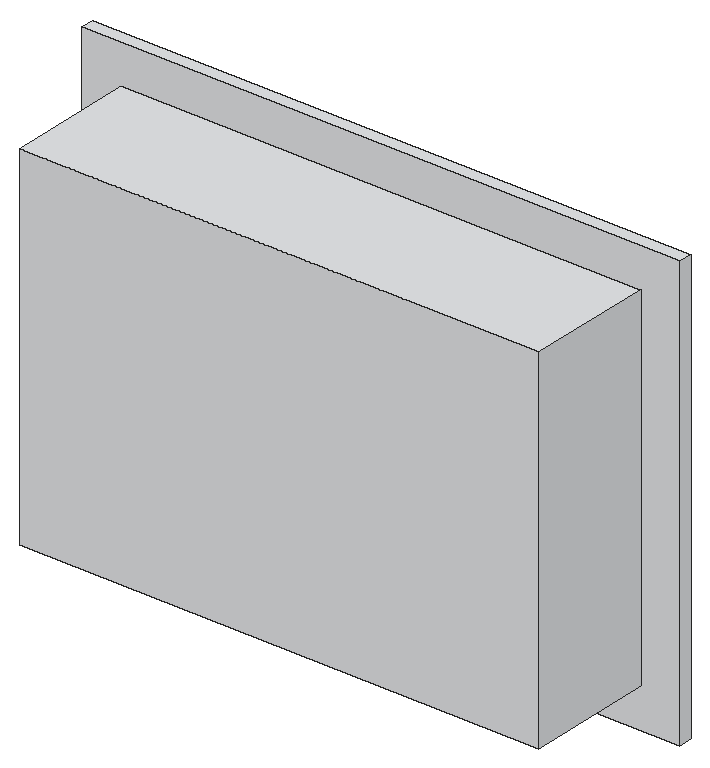
Revit family "DTPR0031_revit", category Generic Models, host Wall, Revit 2017
Family settings
  Host = Wall
  Can host rebar = No
  Round Connector Dimension = Use Diameter
  Part Type = Normal
  Always vertical = Yes
  Cut with Voids When Loaded = No
  Shared = No
  Room Calculation Point = No
Parameters (values of type "Type 1")
  Website = "https://dolphy.in/"  # constant formula
  Contact number = "+91 9520202035"  # constant formula
  Contact email = "info@dolphy.in"  # constant formula
  Company name = "Dolphy India"  # constant formula
Reference planes
  plane 1 "Wall": y = 0
  plane 2 "Center (Left/Right)": x = 125
  plane 3 "Back": y = 75
Forms (mm)
  Extrusion 1, void
    sketch origin (0, 0, 0) x (1, 0, 0) y (0, 0, 1)
      loop
        line (-69.5, 133) -> (-69.5, -133) -> (319.5, -133) -> (319.5, 133) -> (-69.5, 133)
    from -75 to 20
Text (mm)
  text "Placement Side" at (-1848.837, 1116.779, 0), in view "Ref. Level"
  text "Placement side" at (0, 1409.804, 2854.306), in view "Left"
  text "Placement side" at (0, 499.811, 2980.732), in view "Right"
Dimensions and locks
  locked: plane 3 "Back" to host wall
  aligned and locked: plane 1 "Wall" to host wall
  aligned and locked: nested 1 to plane 2 "Center (Left/Right)"
  aligned and locked: nested 1 to plane 3 "Back"
  aligned and locked: host wall to Extrusion 1
  aligned and locked: Extrusion 1 sketch curve to nested 1  (x4)
  aligned and locked: nested 1 to Extrusion 1
Nested families
  nested 1: "21 L Stainless Steel Recessed Panel With Waste Bin_IN" at (125, 75, 0) x (-1, 0, 0) z (0, 0, 1), type "21 L Stainless Steel Recessed Panel With Waste Bin_IN"
Definition of nested family "21 L Stainless Steel Recessed Panel With Waste Bin_IN"
  Parameters (values of type "21 L Stainless Steel Recessed Panel With Waste Bin_IN")
    Website = "https://dolphy.in/"  # constant formula
    M&L = none
    Default Elevation = 1219.2 mm
    Contact number = "+91 9520202035"  # constant formula
    Contact email = "info@dolphy.in"  # constant formula
    Company = "Dolphy India"  # constant formula
  Reference planes
    plane 1 "Center (Front/Back)": y = 0
    plane 2: z = 0
    plane 3 "Center (Left/Right)": x = 0
    plane 4: x = 0
    plane 5 "back": y = 95
    plane 6 "FRONT": y = -5
  Forms (mm)
    Extrusion 1, solid
      sketch origin (0, 0, 0) x (1, 0, 0) y (0, 0, 1)
        loop
          line (-224, 162.5) -> (-224, -162.5) -> (224, -162.5) -> (224, 162.5) -> (-224, 162.5)
        loop
          line (-194.5, 133) -> (-194.5, -133) -> (194.5, -133) -> (194.5, 133) -> (-194.5, 133)
      from 0 to 10
    Extrusion 2, solid
      sketch origin (0, 95, 0) x (0, 0, 1) y (1, 0, 0)
        loop
          line (133, 194.5) -> (-133, 194.5) -> (-133, -194.5) -> (133, -194.5) -> (133, 194.5)
      from 0 to -95
    Extrusion 3, solid
      sketch origin (0, -5, 0) x (-1, 0, 0) y (0, 0, 1)
        loop
          line (-194.5, -133) -> (194.5, -133) -> (194.5, 133) -> (-194.5, 133) -> (-194.5, -133)
        loop
          line (-189.5, 128) -> (-189.5, -128) -> (189.5, -128) -> (189.5, 128) -> (-189.5, 128)
      from 0 to 2
    Extrusion 4, solid
      sketch origin (0, -5, 0) x (1, 0, 0) y (0, 0, 1)
        loop
          line (-191.999, 130.5) -> (-191.999, -130.5) -> (192, -130.5) -> (192, 130.5) -> (-191.999, 130.5)
      from 0 to 6
    Extrusion 5, void
      sketch origin (0, -11, 0) x (-1, 0, 0) y (0, 0, 1)
        loop
          line (0, 98.906) -> (-128, 98.906)
          arc (-128, 98.906) -> (-129.414, 98.321) -> (-130, 96.906) r 2
          line (-130, 96.906) -> (-130, 0.907)
          arc (-130, 0.907) -> (-129.414, -0.508) -> (-128, -1.094) r 2
          line (-128, -1.094) -> (0, -1.094) -> (128, -1.094)
          arc (128, -1.094) -> (129.414, -0.508) -> (130, 0.906) r 2
          line (130, 0.906) -> (130, 96.925)
          arc (130, 96.925) -> (129.314, 98.433) -> (127.726, 98.906) r 2
          line (127.726, 98.906) -> (0, 98.906)
      from 0 to 1
    Blend 6, solid
      base sketch origin (0, -11, 0) x (1, 0, 0) y (0, 0, 1)
        loop
          circle (0.001, 115.5) r 7.757
      top sketch origin (0, -11, 0) x (1, 0, 0) y (0, 0, 1)
        loop
          circle (0.001, 115.5) r 6.396
      from 0 to 2.5
    Extrusion 7, void
      sketch origin (0, -11, 0) x (-1, 0, 0) y (0, 0, 1)
        loop
          line (3.993, 116.11) -> (-4.099, 116.11) -> (-4.099, 114.908) -> (3.993, 114.908) -> (3.993, 116.11)
      from -2.5 to 1
  Cuts and joins
    Extrusion 5, Extrusion 7 cuts Extrusion 2
    joined: Extrusion 1, Extrusion 2
    Extrusion 5, Extrusion 7 cuts Extrusion 4
    Extrusion 7 cuts Blend 6
    joined: Extrusion 4, Blend 6
  Dimensions and locks
    plane 1 "Center (Front/Back)" to plane 5 "back" = 95 mm
    Extrusion 2 to Extrusion 2 = 266 mm
    Extrusion 1 to Extrusion 1 = 10 mm
    Extrusion 1 to Extrusion 1 = 448 mm
    Extrusion 1 to Extrusion 1 = 325 mm
    aligned and locked: level to plane 2
